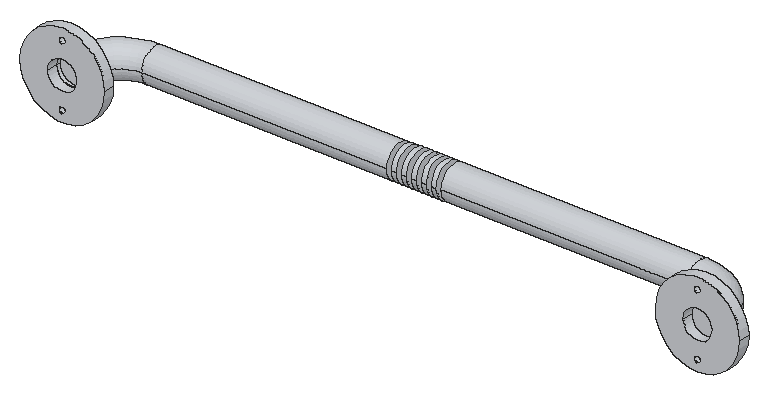
Revit family "AX8032X_0009", category Appareils sanitaires, Revit 2016
Family settings
  Hôte = Mur
  Type d'élément = Normal
  Cote de connecteur circulaire = Utiliser le diamètre
  Numéro OmniClass = 23.75.00.00
  Titre OmniClass = Climate Control (HVAC)
  Toujours verticalement = Oui
  Couper avec des vides une fois chargée = Non
  Partagée = Non
  Point de calcul de pièce = Non
Parameters (values of type "Type 1")
  URL = "http://www.axeuro.com/fr/barres-de-securite/25439-barre-de-securite-ax8032x.html?search_query=ax8032x&results=5"
  Type de produit / Type of product = "Barre de sécurité / Straight grab bar"  # constant formula
  Référence / Reference = "AX8032X..., AX8032X...-MBK"  # constant formula
  Model = ""
  Manufacturer = ""
  Entreprise / Company = "Axeuro"  # constant formula
  Description = ""
Reference planes
  plane 1 "Mur": y = 0
  plane 2 "Centre (gauche/droite)": x = 0
  plane 3 "Arrière": y = 75
Forms (mm)
  Extrusion 1, solid
    sketch origin (-115, 75, 0) x (-1, 0, 0) y (0, 0, -1)
      loop
        circle (190, -669.455) r 40.5
    from -10 to 0
  Sweep 2, solid
    path origin (155, -18.736, 669.511) x (1, 0, 0) y (0, 1, 0)
      loop
        line (-460, 103.736) -> (-460, 105.837)
        arc (-460, 105.837) -> (-447.142, 136.878) -> (-416.102, 149.735) r 43.898
        line (-416.102, 149.735) -> (-181.102, 149.735)
    profile origin (-143.602, 131, 669.511) x (0, 1, 0) y (0, 0, 1)
      loop
        circle (0, 0) r 16
  Extrusion 3, void
    sketch origin (154, 0, 0) x (1, 0, 0) y (0, 0, 1)
      loop
        circle (150, 669.455) r 14
    from -88.969 to -75
  Extrusion 4, void
    sketch origin (-155, 0, 0) x (-1, 0, 0) y (0, 0, -1)
      loop
        circle (150, -669.455) r 14
    from -88.969 to -75
  Extrusion 5, void
    sketch origin (-511.122, 0, 1337.127) x (1, 0, 0) y (0, 0, 1)
      loop
        circle (206.122, -697.622) r 3
    from -79.397 to -75
  Extrusion 6, void
    sketch origin (-511.122, 0, 1.883) x (1, 0, 0) y (0, 0, 1)
      loop
        circle (206.122, 697.622) r 3
    from -79.397 to -75
  Extrusion 7, void
    sketch origin (510.122, 0, 1337.127) x (-1, 0, 0) y (0, 0, -1)
      loop
        circle (206.122, 697.622) r 3
    from -79.397 to -75
  Extrusion 8, void
    sketch origin (510.122, 0, 1.883) x (-1, 0, 0) y (0, 0, -1)
      loop
        circle (206.122, -697.622) r 3
    from -79.397 to -75
  Extrusion 9, solid
    sketch origin (114, 75, 0) x (1, 0, 0) y (0, 0, 1)
      loop
        circle (190, 669.455) r 40.5
    from -10 to 0
  Sweep 10, solid
    path origin (-155, -18.736, 669.511) x (-1, 0, 0) y (0, -1, 0)
      loop
        line (-460, -103.736) -> (-460, -105.837)
        arc (-460, -105.837) -> (-447.142, -136.878) -> (-416.102, -149.735) r 43.898
        line (-416.102, -149.735) -> (-181.102, -149.735)
    profile origin (143.602, 131, 669.511) x (0, -1, 0) y (0, 0, 1)
      loop
        circle (0, 0) r 16
  Extrusion 11, solid
    sketch origin (2.221, -16, 0) x (0, 1, 0) y (0, 0, -1)
      loop
        circle (147, -669.511) r 16
    from 18.795 to 23.559
  Extrusion 12, solid
    sketch origin (-2.221, -16, 0) x (0, 1, 0) y (0, 0, 1)
      loop
        circle (147, 669.511) r 16
    from 18.795 to 23.559
  Extrusion 13, solid
    sketch origin (11.749, -16, 0) x (0, 1, 0) y (0, 0, -1)
      loop
        circle (147, -669.511) r 16
    from 18.795 to 23.559
  Extrusion 14, solid
    sketch origin (-11.749, -16, 0) x (0, 1, 0) y (0, 0, 1)
      loop
        circle (147, 669.511) r 16
    from 18.795 to 23.559
  Extrusion 15, solid
    sketch origin (21.258, -16, 0) x (0, 1, 0) y (0, 0, -1)
      loop
        circle (147, -669.511) r 16
    from 18.795 to 23.559
Cuts and joins
  Extrusion 4 cuts Sweep 2
  Extrusion 4, Extrusion 5, Extrusion 6, Extrusion 7, Extrusion 8 cuts Extrusion 1
  Extrusion 3, Extrusion 7, Extrusion 8 cuts Extrusion 9
Text (mm)
  text "Côté de la mise en place" at (-1820.995, 1116.779, 0), in view "Niveau de réf."
  text "Côté de la mise en place" at (0, 1334.055, 2976.191), in view "Gauche"
  text "Côté de la mise en place" at (0, 439.194, 2944.362), in view "Droite"
Dimensions and locks
  locked: plane 3 "Arrière" to host wall
  aligned and locked: plane 1 "Mur" to host wall
